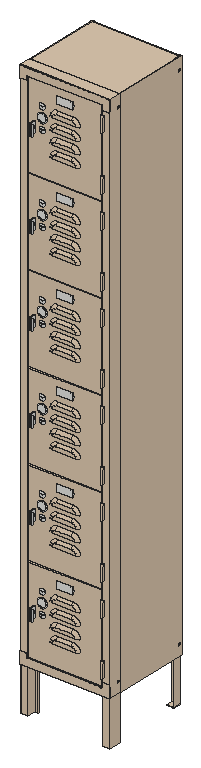
Revit family "Metal_Lockers-Salsbury_Industries-65000_66000_Series-1_Wide_Units", category Specialty Equipment, Revit 2024
Family settings
  Round Connector Dimension = Use Diameter
  Part Type = Normal
  OmniClass Number = 23.40.00.00
  OmniClass Title = Equipment and Furnishings
  Work Plane-Based = No
  Enable Cutting in Views = No
  Always vertical = Yes
  Cut with Voids When Loaded = No
  Maintain Annotation Orientation = No
  Shared = No
  Room Calculation Point = No
Parameters (values of type "66162 - with Standard 6" High Legs")
  Zee Base Corner - Right Side [instance] = Metal Locker Zee Base Corner : None
  Zee Base Corner - Left Side [instance] = Metal Locker Zee Base Corner : None
  Zee Base - Right Side [instance] = Metal Locker Zee Base-Right Side : None
  Zee Base - Left Side [instance] = Metal Locker Zee Base-Left Side : None
  Zee Base = Metal Locker Zee Base : None
  Width = 12.040"
  Version = "2.0 (06/30/17)"
  Unit Height including Sloping Hood Only [instance] = 78.625"
  Unit Height = 72.000"
  URL = "www.lockers.com"
  Type Comments = "Standard Metal Locker - Six Tier"
  Total Door(s) Height [instance] = 69.81949"
  Top Door = yes
  Top Compartment Divider = yes
  Test Data = "https://www.lockers.com/videolibrary/"
  Specification = "https://www.lockers.com/architect-resources//"
  Sloping Top In-Line Filler - Right Side [instance] = Metal Locker Sloping Top Filler : None
  Sloping Top In-Line Filler - Left Side [instance] = Metal Locker Sloping Top Filler : None
  Sloping Top Corner Filler - Right Side [instance] = Metal Locker Sloping Corner Filler : None
  Sloping Top Corner Filler - Left Side [instance] = Metal Locker Sloping Corner Filler : None
  Sloping Hood Height = if(Depth = 12.010", 6.625", if(Depth = 15.010", 8.682", if(Depth = 18.010", 10.739", 0.000")))  # 6.625"
  Sloping Hood [instance] = Metal Locker Sloping Hood : None
  Sales Information = "https://www.lockers.com/request_a_quote/"
  Right Side Base [instance] = Metal Locker Right Side Base : None
  Revision = "R1_2018-10"
  Product Data = "https://www.lockers.com/downloads__catalog/"
  Primary Structure Material [instance] = Paint - Salsbury Finish - Tan
  Overall Width including Rivets [instance] = 12.120"
  Unit Height including Base Only [instance] = 78.000"
  Overall Unit Height (including Base and Sloping Hood) [instance] = 84.625"
  OmniClass 23 Title = "Equipment and Furnishings"
  OmniClass 23 Number = "23.40.00.00"
  Model = "66162"
  MasterFormat Title = "Lockers"
  MasterFormat Number = "10 51 13"
  Manufacturer Website = "https://www.lockers.com/"
  Manufacturer Phone - Toll Free = "1-800-562-5377"
  Manufacturer Phone = "(323) 846-6700"
  Manufacturer Fax = "1-800-562-5399"
  Manufacturer Address = "1010 East 62nd Street, Los Angeles, CA 90001-1598"
  Manufacturer = "Salsbury Industries"
  Left Side Base [instance] = Metal Locker Left Side Base : None
  Keynote = "10 51 00"
  Installation-Fabrication = "https://www.lockers.com/downloads__installation_instructions/"
  Individual Door Height = 11.534"
  Hasp Plate Rivet Material = Steel -Salsbury Finish - Polished Steel
  Hasp Handle Material = Plastic - Salsbury Finish - Black
  Green Building-LEED = "https://www.arcat.com/green/green_building.shtml"
  Front Vertical Filler - Right [instance] = Metal Locker Front Filler : None
  Front Vertical Filler - Left [instance] = Metal Locker Front Filler : None
  Front Base [instance] = Metal Locker Front Base : None
  Flat Top In-Line Filler - Right Side [instance] = Metal Locker Flat Top Filler : None
  Flat Top In-Line Filler - Left Side [instance] = Metal Locker Flat Top Filler : None
  Flat Top Corner Filler - Right Side [instance] = Metal Locker Flat Corner Filler : None
  Flat Top Corner Filler - Left Side [instance] = Metal Locker Flat Corner Filler : None
  Individual Door Width [instance] = 9.90055"
  End Panel - Right Side [instance] = Metal Locker End Panel : None
  End Panel - Left Side [instance] = Metal Locker End Panel : None
  Drawn By = ""
  Door Location D1 = Metal Locker Doors-12 inch with Latch Hasps : Six Tier Door - 6 foot
  Description = "1 Wide - 6 Feet High - 12 Inches Deep"
  Depth = 12.010"
  Default Elevation = 0.000"
  Copyright = ""
  Construction Details = "https://www.lockers.com/downloads__catalog/"
  Compartment Divider Height = Individual Door Height - 0.375"  # 11.159"
  Category = ""
  Building Codes = "https://www.lockers.com/downloads__forms_and_information/"
  Base Height = 6.000"
  Standard Leg Base = Metal Locker Legs : 6" High - 12" W x 12" D
  Assembly Code = "C1030310"
Reference planes (in)
  plane 1 "Center (Front/Back)": y = 0
  plane 2: z = 0
  plane 3 "Center (Left/Right)": x = 0
  plane 4 "Floor": z = 0
  plane 5 "Bottom of Unit": z = 6
  plane 6 "Top of Unit": z = 78
  plane 7 "Left Side of Unit": x = -6.02
  plane 8 "Right Side of Unit": x = 6.02
  plane 9 "Back of Unit": y = 6.005
  plane 10 "Front of Unit": y = -6.005
  plane 11 "Top of Sloping Hood": z = 84.625
  plane 12 "Left Rivet": x = -6.06
  plane 13 "Right Rivet": x = 6.06
  plane 14 "Right Side of Door Opening": x = 5.02
  plane 15 "Left Side of Door Opening": x = -5.02
  plane 16 "Top of Door Opening": z = 77
  plane 17 "Bottom of Door Opening": z = 7
  plane 18 "Back Edge of Front Facing": y = -4.417
  plane 19 "Front Plate Plane": y = -6.065
  plane 20 "Horizontal Center of Top Rivets": z = 76.5
  plane 21 "Horiz Center of Bottom Rivets": z = 7.5
  plane 22 "Vertical Center of Back Rivets": y = 5.505
  plane 23 "Vertical Center of Front Rivets": y = -4.755
  plane 24 "Right Align Top Filler Overlap": x = 5.435
  plane 25 "Left Align Top Filler Overlap": x = -5.435
  plane 26 "Corner Filler Align-Left": x = -6.08
  plane 27 "Corner Filler Align-Right": x = 6.08
  plane 28 "Left Side of Door": x = -4.95029
  plane 29 "Right Side of Door": x = 4.95026
  plane 30 "Top of Door 1": z = 76.90976
  plane 31 "Bottom of Bottom Door": z = 7.09027
  plane 32 "Zee Base Offset": x = -5.669
  plane 33: x = 5.669
  plane 34 "Compartment Align 3": z = 19.159
  plane 35: x = -5.96
  plane 36: x = 5.96
  plane 37: x = -5.635
  plane 38: x = 5.635
  plane 39: y = 5.945
  plane 40: y = 5.895
  plane 41: y = 5.145
  plane 42: x = -5.9
  plane 43: x = 5.9
  plane 44: x = -5.095
  plane 45: x = 5.095
  plane 46: z = 77.94
  plane 47: z = 19.099
  plane 48: z = 18.159
  plane 49: z = 6.9204
  plane 50: z = 6.18539
  plane 51: z = 76.40796
  plane 52: z = 7.59204
  plane 53: z = 18.159
  plane 54: z = 18.62427
  plane 55: z = 18.74976
  plane 56: z = 30.28376
  plane 57: z = 30.40876
  plane 58: z = 29.78327
  plane 59: z = 30.72327
  plane 60 "Compartment Align 2": z = 30.78327
  plane 61: z = 53.72076
  plane 62: z = 41.94276
  plane 63: z = 42.06776
  plane 64: z = 41.44276
  plane 65: z = 42.38276
  plane 66 "Compartment Align 1": z = 42.44276
  plane 67: z = 71.20625
  plane 68: z = 53.60176
  plane 69: z = 53.72676
  plane 70: z = 65.26076
  plane 71: z = 65.38576
  plane 72: z = 53.10176
  plane 73: z = 54.04176
  plane 74: z = 54.10176
  plane 75: z = 64.76076
  plane 76: z = 65.70076
  plane 77: z = 65.76076
  plane 78: z = 82.86525
  plane 79: z = 94.52425
Forms (in)
  Sweep 1, solid, material "Paint - Salsbury Finish - Tan" <- "Primary Structure Material"
    path origin (0, -6.005, 0) x (1, 0, 0) y (0, 0, 1)
      loop
        line (-6.02, 78) -> (-6.02, 6) -> (6.02, 6) -> (6.02, 78) -> (-6.02, 78)
    profile origin (0, -6.005, 78) x (0, 0, 1) y (0, -1, 0)
      loop
        line (0, 0) -> (-1, 0) -> (-1, -1.588) -> (0, -1.588) -> (0, 0)
  Extrusion 2, solid, material "Paint - Salsbury Finish - Tan" <- "Primary Structure Material"
    sketch origin (0, 0, 6) x (0, -1, 0) y (1, 0, 0)
      loop
        line (4.417, 6.02) -> (-6.005, 6.02) -> (-6.005, 5.635) -> (-5.945, 5.635) -> (-5.945, 5.96) -> (4.417, 5.96) -> (4.417, 6.02)
    from 0 to 72
  Extrusion 3, solid, material "Paint - Salsbury Finish - Tan" <- "Primary Structure Material"
    sketch origin (0, 0, 6) x (0, -1, 0) y (1, 0, 0)
      loop
        line (4.417, -6.02) -> (4.417, -5.96) -> (-5.945, -5.96) -> (-5.945, -5.635) -> (-6.005, -5.635) -> (-6.005, -6.02) -> (4.417, -6.02)
    from 0 to 72
  Extrusion 4, solid, material "Paint - Salsbury Finish - Tan" <- "Primary Structure Material"
    sketch origin (0, 0, 6) x (0, -1, 0) y (1, 0, 0)
      loop
        line (-5.945, -5.96) -> (-5.145, -5.96) -> (-5.145, -5.9) -> (-5.895, -5.9) -> (-5.895, 5.9) -> (-5.145, 5.9) -> (-5.145, 5.96) -> (-5.945, 5.96) -> (-5.945, -5.96)
    from 0 to 72
  Sweep 5, solid, material "Paint - Salsbury Finish - Tan" <- "Primary Structure Material"
    path origin (0, 0, 7) x (0, -1, 0) y (1, 0, 0)
      loop
        line (4.417, -5.96) -> (4.417, 5.96) -> (-5.145, 5.96) -> (-5.145, 5.9) -> (-5.895, 5.9) -> (-5.895, -5.9) -> (-5.145, -5.9) -> (-5.145, -5.96) -> (4.417, -5.96)
    profile origin (-5.96, 0.364, 7) x (-1, 0, 0) y (0, 0, 1)
      loop
        line (0, -0.81461) -> (0, -0.0796) -> (-0.06, -0.0796) -> (-0.06, -0.81461) -> (0, -0.81461)
  Extrusion 6, solid, material "Paint - Salsbury Finish - Tan" <- "Primary Structure Material"
    sketch origin (0, 0, 7) x (0, -1, 0) y (1, 0, 0)
      loop
        line (-5.895, -5.9) -> (-5.145, -5.9) -> (-5.145, -5.96) -> (4.417, -5.96) -> (4.417, 5.96) -> (-5.145, 5.96) -> (-5.145, 5.9) -> (-5.895, 5.9) -> (-5.895, -5.9)
    from -0.0796 to 0
  Extrusion 7, solid, material "Paint - Salsbury Finish - Tan" <- "Primary Structure Material"
    sketch origin (0, 0, 78) x (0, -1, 0) y (1, 0, 0)
      loop
        line (-5.895, -5.9) -> (-5.145, -5.9) -> (-5.145, -5.96) -> (4.417, -5.96) -> (4.417, 5.96) -> (-5.145, 5.96) -> (-5.145, 5.9) -> (-5.895, 5.9) -> (-5.895, -5.9)
    from -0.06 to 0
  Extrusion 8, solid, material "Paint - Salsbury Finish - Tan" <- "Primary Structure Material"
    sketch origin (0, -6.065, 0) x (0, 0, -1) y (1, 0, 0)
      loop
        line (-78, -6.02) -> (-76.47656, -6.02)
        arc (-76.47656, -6.02) -> (-76.42806, -5.99991) -> (-76.40796, -5.9514) r 0.0686
        line (-76.40796, -5.9514) -> (-76.40796, -5.16351)
        arc (-76.40796, -5.16351) -> (-76.42809, -5.11506) -> (-76.47656, -5.095) r 0.0686
        line (-76.47656, -5.095) -> (-77, -5.095) -> (-77, 5.095) -> (-76.47656, 5.095)
        arc (-76.47656, 5.095) -> (-76.42809, 5.11506) -> (-76.40796, 5.16351) r 0.0686
        line (-76.40796, 5.16351) -> (-76.40796, 5.9514)
        arc (-76.40796, 5.9514) -> (-76.42806, 5.99991) -> (-76.47656, 6.02) r 0.0686
        line (-76.47656, 6.02) -> (-78, 6.02) -> (-78, -6.02)
    from -0.06 to 0
  Extrusion 9, solid, material "Paint - Salsbury Finish - Tan" <- "Primary Structure Material"
    sketch origin (0, -6.065, 84) x (0, 0, 1) y (-1, 0, 0)
      loop
        line (-78, 6.02) -> (-78, -6.02) -> (-76.47656, -6.02)
        arc (-76.47656, -6.02) -> (-76.42806, -5.99991) -> (-76.40796, -5.9514) r 0.0686
        line (-76.40796, -5.9514) -> (-76.40796, -5.16351)
        arc (-76.40796, -5.16351) -> (-76.42809, -5.11506) -> (-76.47656, -5.095) r 0.0686
        line (-76.47656, -5.095) -> (-77, -5.095) -> (-77, 5.095) -> (-76.47656, 5.095)
        arc (-76.47656, 5.095) -> (-76.42809, 5.11506) -> (-76.40796, 5.16351) r 0.0686
        line (-76.40796, 5.16351) -> (-76.40796, 5.9514)
        arc (-76.40796, 5.9514) -> (-76.42806, 5.99991) -> (-76.47656, 6.02) r 0.0686
        line (-76.47656, 6.02) -> (-78, 6.02)
    from -0.06 to 0
  Blend 10, solid, material "Steel -Salsbury Finish - Polished Steel" <- "Hasp Plate Rivet Material"
    base sketch origin (6.02, 0, 0) x (0, 0, -1) y (0, -1, 0)
      loop
        circle (-76.5, 4.755) r 0.187
    top sketch origin (6.02, 0, 0) x (0, 0, -1) y (0, -1, 0)
      loop
        circle (-76.5, 4.755) r 0.05319
    from 0 to -0.04
  Blend 11, solid, material "Steel -Salsbury Finish - Polished Steel" <- "Hasp Plate Rivet Material"
    base sketch origin (6.02, 0, -69) x (0, 0, -1) y (0, -1, 0)
      loop
        circle (-76.5, 4.755) r 0.187
    top sketch origin (6.02, 0, -69) x (0, 0, -1) y (0, -1, 0)
      loop
        circle (-76.5, 4.755) r 0.05319
    from 0 to -0.04
  Blend 12, solid, material "Steel -Salsbury Finish - Polished Steel" <- "Hasp Plate Rivet Material"
    base sketch origin (6.02, 10.26, -69) x (0, 0, -1) y (0, -1, 0)
      loop
        circle (-76.5, 4.755) r 0.187
    top sketch origin (6.02, 10.26, -69) x (0, 0, -1) y (0, -1, 0)
      loop
        circle (-76.5, 4.755) r 0.05319
    from 0 to -0.04
  Blend 13, solid, material "Steel -Salsbury Finish - Polished Steel" <- "Hasp Plate Rivet Material"
    base sketch origin (6.02, 10.26, 0.0043) x (0, 0, -1) y (0, -1, 0)
      loop
        circle (-76.5, 4.755) r 0.187
    top sketch origin (6.02, 10.26, 0.0043) x (0, 0, -1) y (0, -1, 0)
      loop
        circle (-76.5, 4.755) r 0.05319
    from 0 to -0.04
  Blend 14, solid, material "Steel -Salsbury Finish - Polished Steel" <- "Hasp Plate Rivet Material"
    base sketch origin (-6.02, 0, -69) x (0, 0, -1) y (0, 1, 0)
      loop
        circle (-76.5, -4.755) r 0.187
    top sketch origin (-6.02, 0, -69) x (0, 0, -1) y (0, 1, 0)
      loop
        circle (-76.5, -4.755) r 0.05319
    from 0 to -0.04
  Blend 15, solid, material "Steel -Salsbury Finish - Polished Steel" <- "Hasp Plate Rivet Material"
    base sketch origin (-6.02, 10.26, -69) x (0, 0, -1) y (0, 1, 0)
      loop
        circle (-76.5, -4.755) r 0.187
    top sketch origin (-6.02, 10.26, -69) x (0, 0, -1) y (0, 1, 0)
      loop
        circle (-76.5, -4.755) r 0.05319
    from 0 to -0.04
  Blend 16, solid, material "Steel -Salsbury Finish - Polished Steel" <- "Hasp Plate Rivet Material"
    base sketch origin (-6.02, 0, 0) x (0, 0, -1) y (0, 1, 0)
      loop
        circle (-76.5, -4.755) r 0.187
    top sketch origin (-6.02, 0, 0) x (0, 0, -1) y (0, 1, 0)
      loop
        circle (-76.5, -4.755) r 0.05319
    from 0 to -0.04
  Blend 17, solid, material "Steel -Salsbury Finish - Polished Steel" <- "Hasp Plate Rivet Material"
    base sketch origin (-6.02, 10.26, 0.00039) x (0, 0, -1) y (0, 1, 0)
      loop
        circle (-76.5, -4.755) r 0.187
    top sketch origin (-6.02, 10.26, 0.00039) x (0, 0, -1) y (0, 1, 0)
      loop
        circle (-76.5, -4.755) r 0.05319
    from 0 to -0.04
  Extrusion 18, solid, material "Paint - Salsbury Finish - Tan" <- "Primary Structure Material"
    sketch origin (0, 0, 19.159) x (0, -1, 0) y (1, 0, 0)
      loop
        line (-5.895, -5.9) -> (-5.145, -5.9) -> (-5.145, -5.96) -> (4.417, -5.96) -> (4.417, 5.96) -> (-5.145, 5.96) -> (-5.145, 5.9) -> (-5.895, 5.9) -> (-5.895, -5.9)
    from -0.06 to 0
  Sweep 19, solid, material "Paint - Salsbury Finish - Tan" <- "Primary Structure Material"
    path origin (0, 0, 19.159) x (0, -1, 0) y (1, 0, 0)
      loop
        line (4.417, -5.96) -> (4.417, 5.96) -> (-5.145, 5.96) -> (-5.145, 5.9) -> (-5.895, 5.9) -> (-5.895, -5.9) -> (-5.145, -5.9) -> (-5.145, -5.96) -> (4.417, -5.96)
    profile origin (-5.96, 0.364, 19.159) x (-1, 0, 0) y (0, 0, 1)
      loop
        line (0, -1) -> (0, -0.06) -> (-0.06, -0.06) -> (-0.06, -1) -> (0, -1)
  Extrusion 20, solid, material "Paint - Salsbury Finish - Tan" <- "Primary Structure Material"
    sketch origin (0, 0, 54.72076) x (0, -1, 0) y (1, 0, 0)
      loop
        line (-5.895, -5.9) -> (-5.145, -5.9) -> (-5.145, -5.96) -> (4.417, -5.96) -> (4.417, 5.96) -> (-5.145, 5.96) -> (-5.145, 5.9) -> (-5.895, 5.9) -> (-5.895, -5.9)
    from -23.99749 to -23.93749
  Sweep 21, solid, material "Paint - Salsbury Finish - Tan" <- "Primary Structure Material"
    path origin (0, 0, 30.78327) x (0, -1, 0) y (1, 0, 0)
      loop
        line (4.417, -5.96) -> (4.417, 5.96) -> (-5.145, 5.96) -> (-5.145, 5.9) -> (-5.895, 5.9) -> (-5.895, -5.9) -> (-5.145, -5.9) -> (-5.145, -5.96) -> (4.417, -5.96)
    profile origin (-5.96, 0.364, 30.78327) x (-1, 0, 0) y (0, 0, 1)
      loop
        line (0, -1) -> (0, -0.06) -> (-0.06, -0.06) -> (-0.06, -1) -> (0, -1)
  Extrusion 22, solid, material "Paint - Salsbury Finish - Tan" <- "Primary Structure Material"
    sketch origin (0, 0, 42.44276) x (0, -1, 0) y (1, 0, 0)
      loop
        line (-5.895, -5.9) -> (-5.145, -5.9) -> (-5.145, -5.96) -> (4.417, -5.96) -> (4.417, 5.96) -> (-5.145, 5.96) -> (-5.145, 5.9) -> (-5.895, 5.9) -> (-5.895, -5.9)
    from -0.06 to 0
  Sweep 23, solid, material "Paint - Salsbury Finish - Tan" <- "Primary Structure Material"
    path origin (0, 0, 42.44276) x (0, -1, 0) y (1, 0, 0)
      loop
        line (4.417, -5.96) -> (4.417, 5.96) -> (-5.145, 5.96) -> (-5.145, 5.9) -> (-5.895, 5.9) -> (-5.895, -5.9) -> (-5.145, -5.9) -> (-5.145, -5.96) -> (4.417, -5.96)
    profile origin (-5.96, 0.364, 42.44276) x (-1, 0, 0) y (0, 0, 1)
      loop
        line (0, -1) -> (0, -0.06) -> (-0.06, -0.06) -> (-0.06, -1) -> (0, -1)
  Extrusion 24, solid, material "Paint - Salsbury Finish - Tan" <- "Primary Structure Material"
    sketch origin (0, 0, 54.10176) x (0, -1, 0) y (1, 0, 0)
      loop
        line (-5.895, -5.9) -> (-5.145, -5.9) -> (-5.145, -5.96) -> (4.417, -5.96) -> (4.417, 5.96) -> (-5.145, 5.96) -> (-5.145, 5.9) -> (-5.895, 5.9) -> (-5.895, -5.9)
    from -0.06 to 0
  Sweep 25, solid, material "Paint - Salsbury Finish - Tan" <- "Primary Structure Material"
    path origin (0, 0, 54.10176) x (0, -1, 0) y (1, 0, 0)
      loop
        line (4.417, -5.96) -> (4.417, 5.96) -> (-5.145, 5.96) -> (-5.145, 5.9) -> (-5.895, 5.9) -> (-5.895, -5.9) -> (-5.145, -5.9) -> (-5.145, -5.96) -> (4.417, -5.96)
    profile origin (-5.96, 0.364, 54.10176) x (-1, 0, 0) y (0, 0, 1)
      loop
        line (0, -1) -> (0, -0.06) -> (-0.06, -0.06) -> (-0.06, -1) -> (0, -1)
  Extrusion 26, solid, material "Paint - Salsbury Finish - Tan" <- "Primary Structure Material", visible <- "Top Compartment Divider"
    sketch origin (0, 0, 65.76076) x (0, -1, 0) y (1, 0, 0)
      loop
        line (-5.895, -5.9) -> (-5.145, -5.9) -> (-5.145, -5.96) -> (4.417, -5.96) -> (4.417, 5.96) -> (-5.145, 5.96) -> (-5.145, 5.9) -> (-5.895, 5.9) -> (-5.895, -5.9)
    from -0.06 to 0
  Sweep 27, solid, material "Paint - Salsbury Finish - Tan" <- "Primary Structure Material", visible <- "Top Compartment Divider"
    path origin (0, 0, 65.76076) x (0, -1, 0) y (1, 0, 0)
      loop
        line (4.417, -5.96) -> (4.417, 5.96) -> (-5.145, 5.96) -> (-5.145, 5.9) -> (-5.895, 5.9) -> (-5.895, -5.9) -> (-5.145, -5.9) -> (-5.145, -5.96) -> (4.417, -5.96)
    profile origin (-5.96, 0.364, 65.76076) x (-1, 0, 0) y (0, 0, 1)
      loop
        line (0, -1) -> (0, -0.06) -> (-0.06, -0.06) -> (-0.06, -1) -> (0, -1)
Lines and regions (in)
  reference lines
    curve 1: line (-29.59242, -6.065, 78) -> (36.15758, -6.065, 78)
  symbolic lines
    curve 2: line (-6.02, 6.005, 78) -> (6.02, 6.005, 78)
    curve 3: line (-6.02, -6.065, 78) -> (-6.02, 6.005, 78)
    curve 4: line (6.02, -6.065, 78) -> (-6.02, -6.065, 78)
    curve 5: line (6.02, 6.005, 78) -> (6.02, -6.065, 78)
    curve 6: line (-6.06, -4.80819, 78) -> (-6.02, -4.91809, 78)
    curve 7: line (-6.02, -4.58043, 78) -> (-6.06, -4.70181, 78)
    curve 8: line (-6.06, -4.80819, 78) -> (-6.06, -4.70181, 78)
    curve 9: line (-6.06, 5.45181, 78) -> (-6.02, 5.31077, 78)
    curve 10: line (-6.06, 5.55819, 78) -> (-6.02, 5.68474, 78)
    curve 11: line (-6.06, 5.55819, 78) -> (-6.06, 5.45181, 78)
    curve 12: line (6.06, 5.55819, 78) -> (6.02, 5.70747, 78)
    curve 13: line (6.06, 5.45181, 78) -> (6.02, 5.3179, 78)
    curve 14: line (6.06, 5.55819, 78) -> (6.06, 5.45181, 78)
    curve 15: line (6.06, -4.70181, 78) -> (6.02, -4.57098, 78)
    curve 16: line (6.06, -4.80819, 78) -> (6.02, -4.94769, 78)
    curve 17: line (6.06, -4.70181, 78) -> (6.06, -4.80819, 78)
Dimensions and locks (in)
  equal spacing: plane 7 "Left Side of Unit", plane 3 "Center (Left/Right)", plane 8 "Right Side of Unit"
  "Width": plane 7 "Left Side of Unit" to plane 8 "Right Side of Unit"
  "Base Height": plane 5 "Bottom of Unit" to plane 4 "Floor"
  "Unit Height": plane 6 "Top of Unit" to plane 5 "Bottom of Unit"
  "Unit Height including Base Only": plane 6 "Top of Unit" to plane 4 "Floor"
  equal spacing: plane 10 "Front of Unit", plane 1 "Center (Front/Back)", plane 9 "Back of Unit"
  "Depth": plane 10 "Front of Unit" to plane 9 "Back of Unit"
  "Sloping Hood Height": plane 11 "Top of Sloping Hood" to plane 6 "Top of Unit"
  "Overall Unit Height (including Base and Sloping Hood)": plane 11 "Top of Sloping Hood" to plane 4 "Floor"
  locked: plane 12 "Left Rivet" to plane 7 "Left Side of Unit" at 0.04
  locked: plane 8 "Right Side of Unit" to plane 13 "Right Rivet" at 0.04
  "Overall Width including Rivets": plane 12 "Left Rivet" to plane 13 "Right Rivet"
  plane 6 "Top of Unit" to plane 16 "Top of Door Opening" to plane 30 "Top of Door 1" to plane 51 = 1.000" locked, 0.09024", 0.5018"
  plane 52 to plane 31 "Bottom of Bottom Door" to plane 17 "Bottom of Door Opening" to plane 5 "Bottom of Unit" = 0.50177", 0.09027", 1.000" locked
  plane 7 "Left Side of Unit" to plane 15 "Left Side of Door Opening" to plane 28 "Left Side of Door" = 1.000" locked, 0.06971"
  plane 29 "Right Side of Door" to plane 14 "Right Side of Door Opening" to plane 8 "Right Side of Unit" = 0.06974", 1.000" locked
  plane 19 "Front Plate Plane" to plane 10 "Front of Unit" to plane 18 "Back Edge of Front Facing" = 0.060" locked, 1.588" locked
  "Unit Height including Sloping Hood Only": plane 11 "Top of Sloping Hood" to plane 5 "Bottom of Unit"
  locked: plane 20 "Horizontal Center of Top Rivets" to plane 6 "Top of Unit" at 1.5
  locked: plane 5 "Bottom of Unit" to plane 21 "Horiz Center of Bottom Rivets" at 1.5
  locked: plane 22 "Vertical Center of Back Rivets" to plane 9 "Back of Unit" at 0.5
  locked: plane 10 "Front of Unit" to plane 23 "Vertical Center of Front Rivets" at 1.25
  locked: plane 24 "Right Align Top Filler Overlap" to plane 13 "Right Rivet" at 0.625
  locked: plane 12 "Left Rivet" to plane 25 "Left Align Top Filler Overlap" at 0.625
  locked: plane 8 "Right Side of Unit" to plane 27 "Corner Filler Align-Right" at 0.06
  locked: plane 26 "Corner Filler Align-Left" to plane 7 "Left Side of Unit" at 0.06
  "Individual Door Width": plane 28 "Left Side of Door" to plane 29 "Right Side of Door"
  "Total Door(s) Height": plane 30 "Top of Door 1" to plane 31 "Bottom of Bottom Door"
  plane 7 "Left Side of Unit" to plane 32 "Zee Base Offset" = 0.351"
  plane 33 to plane 8 "Right Side of Unit" = 0.351"
  plane 34 "Compartment Align 3" to plane 47 to plane 53 = 0.060" locked, 0.940" locked
  plane 7 "Left Side of Unit" to plane 35 to plane 42 to plane 37 = 0.060" locked, 0.060" locked, 0.265" locked
  plane 38 to plane 43 to plane 36 to plane 8 "Right Side of Unit" = 0.265" locked, 0.060", 0.060"
  plane 41 to plane 40 to plane 39 to plane 9 "Back of Unit" = 0.750" locked, 0.050", 0.060"
  locked: plane 7 "Left Side of Unit" to plane 44 at 0.925
  locked: plane 45 to plane 8 "Right Side of Unit" at 0.925
  locked: plane 6 "Top of Unit" to plane 46 at 0.06
  plane 47 to plane 48 = 0.940"
  locked: plane 17 "Bottom of Door Opening" to plane 49 at 0.0796
  plane 49 to plane 50 = 0.73501"
  "Compartment Divider Height": plane 53 to plane 17 "Bottom of Door Opening"
  "Individual Door Height": plane 54 to plane 31 "Bottom of Bottom Door"
  locked: plane 55 to plane 54 at 0.12549
  locked: plane 57 to plane 56 at 0.125
  "Individual Door Height": plane 56 to plane 55
  plane 60 "Compartment Align 2" to plane 59 to plane 58 = 0.060" locked, 0.940" locked
  locked: plane 63 to plane 62 at 0.125
  "Individual Door Height": plane 62 to plane 57
  "Compartment Divider Height": plane 58 to plane 54
  "Compartment Divider Height": plane 64 to plane 56
  plane 66 "Compartment Align 1" to plane 65 to plane 64 = 0.060", 0.940"
  locked: plane 69 to plane 68 at 0.125
  locked: plane 71 to plane 70 at 0.125
  "Individual Door Height": plane 68 to plane 63
  "Individual Door Height": plane 70 to plane 69
  "Compartment Divider Height": plane 72 to plane 62
  "Compartment Divider Height": plane 75 to plane 68
  plane 74 to plane 73 to plane 72 = 0.060" locked, 0.940" locked
  plane 77 to plane 76 to plane 75 = 0.060" locked, 0.940" locked
  aligned and locked: level to plane 2
  aligned and locked: Extrusion 2 to plane 6 "Top of Unit"
  aligned and locked: Extrusion 3 to plane 6 "Top of Unit"
  aligned and locked: Extrusion 4 to plane 6 "Top of Unit"
  aligned and locked: Extrusion 8 to plane 10 "Front of Unit"
  aligned and locked: Extrusion 9 to plane 10 "Front of Unit"
  aligned and locked: Extrusion 6 to plane 17 "Bottom of Door Opening"
  aligned and locked: plane 4 "Floor" to nested 2
  aligned and locked: plane 5 "Bottom of Unit" to Extrusion 9
  aligned and locked: plane 8 "Right Side of Unit" to nested 6
  aligned and locked: plane 7 "Left Side of Unit" to nested 7
  aligned and locked: Blend 10 to plane 13 "Right Rivet"
  aligned and locked: plane 8 "Right Side of Unit" to Blend 10
  aligned and locked: Blend 15 to plane 7 "Left Side of Unit"
  aligned and locked: Blend 14 to plane 7 "Left Side of Unit"  (x2)
  aligned and locked: plane 12 "Left Rivet" to Blend 14
  aligned and locked: plane 12 "Left Rivet" to Blend 15
  aligned and locked: Blend 14 to plane 12 "Left Rivet"
  aligned and locked: Blend 17 to plane 7 "Left Side of Unit"
  aligned and locked: plane 12 "Left Rivet" to Blend 17
  aligned and locked: Blend 16 to plane 7 "Left Side of Unit"
  aligned and locked: plane 12 "Left Rivet" to Blend 16
  aligned and locked: plane 5 "Bottom of Unit" to nested 10
  aligned and locked: plane 13 "Right Rivet" to nested 10
  aligned and locked: plane 12 "Left Rivet" to nested 11
  aligned and locked: nested 11 to plane 10 "Front of Unit"
  aligned and locked: plane 13 "Right Rivet" to nested 12
  aligned and locked: plane 10 "Front of Unit" to nested 12
  aligned and locked: plane 6 "Top of Unit" to nested 12
  aligned and locked: plane 12 "Left Rivet" to nested 13
  aligned and locked: plane 10 "Front of Unit" to nested 13
  aligned and locked: plane 6 "Top of Unit" to nested 13
  aligned and locked: plane 6 "Top of Unit" to nested 14
  aligned and locked: nested 14 to plane 19 "Front Plate Plane"
  aligned and locked: nested 14 to plane 24 "Right Align Top Filler Overlap"
  aligned and locked: nested 15 to plane 25 "Left Align Top Filler Overlap"
  aligned and locked: nested 15 to plane 19 "Front Plate Plane"
  aligned and locked: nested 10 to nested 15
  aligned and locked: plane 19 "Front Plate Plane" to nested 16
  aligned and locked: plane 6 "Top of Unit" to nested 16
  aligned and locked: nested 17 to plane 6 "Top of Unit"
  aligned and locked: nested 17 to plane 19 "Front Plate Plane"
  aligned and locked: plane 19 "Front Plate Plane" to nested 18
  aligned and locked: nested 19 to plane 24 "Right Align Top Filler Overlap"
  aligned and locked: nested 19 to plane 19 "Front Plate Plane"
  aligned and locked: plane 16 "Top of Door Opening" to nested 19
  aligned and locked: nested 20 to plane 16 "Top of Door Opening"
  aligned and locked: nested 20 to plane 25 "Left Align Top Filler Overlap"
  aligned and locked: nested 20 to plane 19 "Front Plate Plane"
  aligned and locked: nested 11 to plane 6 "Top of Unit"
  aligned and locked: plane 10 "Front of Unit" to nested 10
  aligned and locked: plane 10 "Front of Unit" to nested 23
  aligned and locked: plane 10 "Front of Unit" to nested 1
  aligned and locked: plane 10 "Front of Unit" to nested 2
  aligned and locked: plane 6 "Top of Unit" to nested 18
  aligned and locked: plane 7 "Left Side of Unit" to nested 17
  aligned and locked: plane 32 "Zee Base Offset" to nested 9
  aligned and locked: plane 18 "Back Edge of Front Facing" to nested 9
  aligned and locked: nested 8 to plane 18 "Back Edge of Front Facing"
  aligned and locked: plane 33 to nested 8
  aligned and locked: plane 8 "Right Side of Unit" to nested 21
  aligned and locked: nested 22 to plane 7 "Left Side of Unit"
  aligned and locked: nested 22 to curve 1
  aligned and locked: nested 21 to curve 1
  aligned and locked: Sweep 19 sketch curve to Extrusion 18
  aligned and locked: plane 7 "Left Side of Unit" to Extrusion 3
  aligned and locked: Extrusion 3 to plane 9 "Back of Unit"
  aligned and locked: Extrusion 2 to plane 8 "Right Side of Unit"
  aligned and locked: Extrusion 2 to plane 9 "Back of Unit"
  aligned and locked: plane 18 "Back Edge of Front Facing" to Extrusion 3
  aligned and locked: plane 18 "Back Edge of Front Facing" to Extrusion 2
  aligned and locked: plane 35 to Extrusion 3
  aligned and locked: plane 36 to Extrusion 2
  aligned and locked: plane 37 to Extrusion 3
  aligned and locked: plane 38 to Extrusion 2
  aligned and locked: plane 39 to Extrusion 3
  aligned and locked: plane 39 to Extrusion 2
  aligned and locked: Extrusion 4 to plane 39
  aligned and locked: plane 40 to Extrusion 4
  aligned and locked: plane 35 to Extrusion 4
  aligned and locked: plane 41 to Extrusion 4  (x2)
  aligned and locked: plane 42 to Extrusion 4
  aligned and locked: plane 43 to Extrusion 4
  aligned and locked: Extrusion 7 to plane 40
  aligned and locked: plane 42 to Extrusion 7
  aligned and locked: plane 35 to Extrusion 7  (x2)
  aligned and locked: Extrusion 7 to plane 41  (x2)
  aligned and locked: Extrusion 7 to plane 43
  aligned and locked: Extrusion 7 to plane 36  (x2)
  aligned and locked: plane 18 "Back Edge of Front Facing" to Extrusion 7
  aligned and locked: plane 18 "Back Edge of Front Facing" to Extrusion 6
  aligned and locked: Extrusion 6 to plane 40
  aligned and locked: Extrusion 6 to plane 43
  aligned and locked: Extrusion 6 to plane 41  (x2)
  aligned and locked: Extrusion 6 to plane 36
  aligned and locked: plane 42 to Extrusion 6
  aligned and locked: plane 35 to Extrusion 6
  aligned and locked: Sweep 5 to plane 40
  aligned and locked: Sweep 5 to plane 41  (x2)
  aligned and locked: Sweep 5 to plane 43
  aligned and locked: Sweep 5 to plane 36
  aligned and locked: plane 18 "Back Edge of Front Facing" to Sweep 5
  aligned and locked: plane 35 to Sweep 5
  aligned and locked: plane 42 to Sweep 5
  aligned and locked: Sweep 5 sketch curve to plane 42
  aligned and locked: plane 40 to Sweep 5 sketch curve
  aligned and locked: plane 41 to Sweep 5 sketch curve  (x2)
  aligned and locked: Sweep 5 sketch curve to plane 35  (x2)
  aligned and locked: plane 43 to Sweep 5 sketch curve
  aligned and locked: plane 36 to Sweep 5 sketch curve
  aligned and locked: Sweep 5 sketch curve to plane 18 "Back Edge of Front Facing"
  aligned and locked: Extrusion 18 to plane 40
  aligned and locked: Extrusion 18 to plane 43
  aligned and locked: Extrusion 18 to plane 41  (x2)
  aligned and locked: Extrusion 18 to plane 36
  aligned and locked: plane 18 "Back Edge of Front Facing" to Extrusion 18
  aligned and locked: plane 35 to Extrusion 18
  aligned and locked: plane 42 to Extrusion 18
  aligned and locked: plane 40 to Sweep 19 sketch curve
  aligned and locked: plane 43 to Sweep 19 sketch curve
  aligned and locked: plane 41 to Sweep 19 sketch curve  (x2)
  aligned and locked: plane 36 to Sweep 19 sketch curve
  aligned and locked: Sweep 19 sketch curve to plane 18 "Back Edge of Front Facing"
  aligned and locked: Sweep 19 sketch curve to plane 35  (x2)
  aligned and locked: Sweep 19 sketch curve to plane 42
  aligned and locked: plane 6 "Top of Unit" to Sweep 1 sketch curve  (x2)
  aligned and locked: Sweep 1 sketch curve to plane 7 "Left Side of Unit"
  aligned and locked: plane 8 "Right Side of Unit" to Sweep 1 sketch curve
  aligned and locked: Sweep 1 sketch curve to plane 5 "Bottom of Unit"
  aligned and locked: plane 10 "Front of Unit" to Sweep 1
  aligned and locked: Extrusion 8 to plane 19 "Front Plate Plane"
  aligned and locked: plane 10 "Front of Unit" to Extrusion 8
  aligned and locked: Extrusion 8 to plane 8 "Right Side of Unit"
  aligned and locked: plane 7 "Left Side of Unit" to Extrusion 8
  aligned and locked: plane 7 "Left Side of Unit" to Extrusion 9
  aligned and locked: plane 19 "Front Plate Plane" to Extrusion 9
  aligned and locked: Extrusion 9 to plane 8 "Right Side of Unit"
  aligned and locked: plane 44 to Extrusion 9
  aligned and locked: plane 45 to Extrusion 9
  aligned and locked: plane 45 to Extrusion 8
  aligned and locked: Extrusion 8 to plane 44
  aligned and locked: plane 29 "Right Side of Door" to nested 23
  aligned and locked: plane 18 "Back Edge of Front Facing" to Sweep 1 sketch curve
  aligned and locked: Sweep 1 sketch curve to plane 16 "Top of Door Opening"
  aligned and locked: Sweep 1 sketch curve to plane 10 "Front of Unit"
  aligned and locked: plane 5 "Bottom of Unit" to Extrusion 4
  aligned and locked: Extrusion 4 to plane 36
  aligned and locked: plane 5 "Bottom of Unit" to Extrusion 3
  aligned and locked: plane 5 "Bottom of Unit" to Extrusion 2
  aligned and locked: Extrusion 7 to plane 6 "Top of Unit"
  aligned and locked: plane 46 to Extrusion 7
  aligned and locked: Extrusion 18 to plane 34 "Compartment Align 3"
  aligned and locked: plane 47 to Extrusion 18
  aligned and locked: plane 42 to Sweep 19 sketch curve
  aligned and locked: plane 48 to Sweep 19 sketch curve
  aligned and locked: plane 49 to Extrusion 6
  aligned and locked: Sweep 5 to plane 49
  aligned and locked: plane 50 to Sweep 5 sketch curve
  aligned and locked: plane 49 to Sweep 5 sketch curve
  aligned and locked: plane 42 to Sweep 5 sketch curve
  aligned and locked: plane 51 to Extrusion 8  (x2)
  aligned and locked: Extrusion 8 to plane 6 "Top of Unit"
  aligned and locked: plane 16 "Top of Door Opening" to Extrusion 8
  aligned and locked: Extrusion 9 to plane 17 "Bottom of Door Opening"
  aligned and locked: plane 52 to Extrusion 9
  aligned and locked: Extrusion 9 to plane 52
  aligned and locked: plane 4 "Floor" to nested 1
  aligned and locked: plane 8 "Right Side of Unit" to nested 1
  aligned and locked: Blend 12 to plane 13 "Right Rivet"
  aligned and locked: plane 8 "Right Side of Unit" to Blend 12
  aligned and locked: plane 8 "Right Side of Unit" to Blend 13
  aligned and locked: Blend 13 to plane 13 "Right Rivet"
  aligned and locked: plane 8 "Right Side of Unit" to Blend 11
  aligned and locked: Blend 11 to plane 13 "Right Rivet"
  aligned and locked: nested 22 to curve 3
  aligned and locked: curve 4 to Extrusion 8
  aligned and locked: curve 5 to Extrusion 8
  aligned and locked: curve 8 to Blend 14
  aligned and locked: curve 11 to Blend 15
  aligned and locked: curve 14 to Blend 12
  aligned and locked: curve 17 to Blend 10
  aligned and locked: plane 53 to Sweep 19
  aligned and locked: nested 23 to plane 31 "Bottom of Bottom Door"
  aligned and locked: plane 55 to nested 24
  aligned and locked: plane 10 "Front of Unit" to nested 24
  aligned and locked: plane 29 "Right Side of Door" to nested 24
  aligned and locked: plane 29 "Right Side of Door" to nested 25
  aligned and locked: nested 25 to plane 57
  aligned and locked: Sweep 21 sketch curve to Extrusion 20
  aligned and locked: Extrusion 20 to plane 60 "Compartment Align 2"
  aligned and locked: plane 59 to Sweep 21
  aligned and locked: Sweep 21 sketch curve to plane 58
  aligned and locked: Extrusion 20 sketch curve to plane 40
  aligned and locked: plane 35 to Extrusion 20 sketch curve
  aligned and locked: plane 42 to Extrusion 20 sketch curve
  aligned and locked: Extrusion 20 sketch curve to plane 41  (x2)
  aligned and locked: plane 18 "Back Edge of Front Facing" to Extrusion 20 sketch curve
  aligned and locked: Extrusion 20 sketch curve to plane 36
  aligned and locked: Extrusion 20 sketch curve to plane 43
  aligned and locked: plane 40 to Sweep 21 sketch curve
  aligned and locked: Sweep 21 sketch curve to plane 42
  aligned and locked: Sweep 21 sketch curve to plane 35
  aligned and locked: plane 41 to Sweep 21 sketch curve  (x2)
  aligned and locked: Sweep 21 sketch curve to plane 18 "Back Edge of Front Facing"
  aligned and locked: plane 36 to Sweep 21 sketch curve
  aligned and locked: plane 43 to Sweep 21 sketch curve
  aligned and locked: plane 63 to nested 26
  aligned and locked: plane 65 to Extrusion 22
  aligned and locked: Extrusion 22 to plane 66 "Compartment Align 1"
  aligned and locked: Sweep 23 sketch curve to plane 64
  aligned and locked: plane 65 to Sweep 23 sketch curve
  aligned and locked: Sweep 23 sketch curve to plane 35
  aligned and locked: plane 41 to Sweep 23 sketch curve  (x2)
  aligned and locked: Sweep 23 sketch curve to plane 42
  aligned and locked: plane 40 to Sweep 23 sketch curve
  aligned and locked: plane 43 to Sweep 23 sketch curve
  aligned and locked: plane 36 to Sweep 23 sketch curve
  aligned and locked: Sweep 23 sketch curve to plane 18 "Back Edge of Front Facing"
  aligned and locked: Extrusion 22 to nested 5  (x3)
  aligned and locked: Extrusion 22 to plane 41  (x2)
  aligned and locked: Extrusion 22 to Sweep 23  (x2)
  aligned and locked: plane 18 "Back Edge of Front Facing" to Extrusion 22
  aligned and locked: plane 29 "Right Side of Door" to nested 26
  aligned and locked: plane 10 "Front of Unit" to nested 26
  aligned and locked: plane 10 "Front of Unit" to nested 25
  aligned and locked: nested 27 to plane 69
  aligned and locked: nested 28 to plane 71
  aligned and locked: plane 29 "Right Side of Door" to nested 27
  aligned and locked: plane 29 "Right Side of Door" to nested 28
  aligned and locked: plane 10 "Front of Unit" to nested 28
  aligned and locked: plane 10 "Front of Unit" to nested 27
  aligned and locked: Extrusion 24 to Sweep 25  (x2)
  aligned and locked: Extrusion 26 to Sweep 27  (x3)
  aligned and locked: Extrusion 24 to plane 74
  aligned and locked: plane 73 to Extrusion 24
  aligned and locked: Extrusion 26 to plane 77
  aligned and locked: plane 76 to Extrusion 26
  aligned and locked: plane 76 to Sweep 27 sketch curve
  aligned and locked: Sweep 27 sketch curve to plane 75
  aligned and locked: plane 73 to Sweep 25 sketch curve
  aligned and locked: Sweep 25 sketch curve to plane 72
  aligned and locked: Extrusion 24 sketch curve to plane 40
  aligned and locked: plane 42 to Extrusion 24 sketch curve
  aligned and locked: Extrusion 24 sketch curve to plane 41  (x2)
  aligned and locked: plane 35 to Extrusion 24 sketch curve
  aligned and locked: plane 18 "Back Edge of Front Facing" to Extrusion 24 sketch curve
  aligned and locked: Extrusion 24 sketch curve to plane 36
  aligned and locked: Extrusion 24 sketch curve to plane 43
  aligned and locked: plane 40 to Sweep 25 sketch curve
  aligned and locked: Sweep 25 sketch curve to plane 35
  aligned and locked: plane 41 to Sweep 25 sketch curve  (x2)
  aligned and locked: Sweep 25 sketch curve to plane 42
  aligned and locked: Sweep 25 sketch curve to plane 18 "Back Edge of Front Facing"
  aligned and locked: plane 36 to Sweep 25 sketch curve
  aligned and locked: plane 43 to Sweep 25 sketch curve
  aligned and locked: Extrusion 26 sketch curve to plane 40
  aligned and locked: plane 42 to Extrusion 26 sketch curve
  aligned and locked: Extrusion 26 sketch curve to plane 41  (x2)
  aligned and locked: plane 35 to Extrusion 26 sketch curve
  aligned and locked: plane 18 "Back Edge of Front Facing" to Extrusion 26 sketch curve
  aligned and locked: Extrusion 26 sketch curve to plane 36
  aligned and locked: Extrusion 26 sketch curve to plane 43
  aligned and locked: plane 40 to Sweep 27 sketch curve
  aligned and locked: Sweep 27 sketch curve to plane 42
  aligned and locked: plane 41 to Sweep 27 sketch curve  (x2)
  aligned and locked: Sweep 27 sketch curve to plane 35
  aligned and locked: Sweep 27 sketch curve to plane 18 "Back Edge of Front Facing"
  aligned and locked: plane 36 to Sweep 27 sketch curve
  aligned and locked: plane 43 to Sweep 27 sketch curve
  aligned and locked: plane 9 "Back of Unit" to curve 2
Automatic sketch dimensions
  Extrusion 2 sketch curve to plane 8 "Right Side of Unit" = 0.000"
  plane 9 "Back of Unit" to Extrusion 2 sketch curve = 0.000"
  Extrusion 2 sketch curve to plane 38 = 0.000"
  plane 39 to Extrusion 2 sketch curve = 0.000"
  plane 18 "Back Edge of Front Facing" to Extrusion 2 sketch curve = 0.000"
  Extrusion 2 sketch curve to plane 36 = 0.000"
  Extrusion 3 sketch curve to plane 7 "Left Side of Unit" = 0.000"
  plane 9 "Back of Unit" to Extrusion 3 sketch curve = 0.000"
  Extrusion 3 sketch curve to plane 37 = 0.000"
  plane 39 to Extrusion 3 sketch curve = 0.000"
  plane 18 "Back Edge of Front Facing" to Extrusion 3 sketch curve = 0.000"
  Extrusion 3 sketch curve to plane 35 = 0.000"
  Extrusion 4 sketch curve to plane 35 = 0.000"
  plane 39 to Extrusion 4 sketch curve = 0.000"
  plane 40 to Extrusion 4 sketch curve = 0.000"
  plane 41 to Extrusion 4 sketch curve = 0.000"  (x2)
  Extrusion 4 sketch curve to plane 42 = 0.000"
  Extrusion 4 sketch curve to plane 43 = 0.000"
  Extrusion 4 sketch curve to plane 36 = 0.000"
  plane 40 to Extrusion 6 sketch curve = 0.000"
  Extrusion 6 sketch curve to plane 35 = 0.000"
  plane 41 to Extrusion 6 sketch curve = 0.000"  (x2)
  plane 18 "Back Edge of Front Facing" to Extrusion 6 sketch curve = 0.000"
  Extrusion 6 sketch curve to plane 42 = 0.000"
  Extrusion 6 sketch curve to plane 43 = 0.000"
  Extrusion 6 sketch curve to plane 36 = 0.000"
  plane 40 to Extrusion 7 sketch curve = 0.000"
  Extrusion 7 sketch curve to plane 35 = 0.000"
  plane 41 to Extrusion 7 sketch curve = 0.000"  (x2)
  plane 18 "Back Edge of Front Facing" to Extrusion 7 sketch curve = 0.000"
  Extrusion 7 sketch curve to plane 42 = 0.000"
  Extrusion 7 sketch curve to plane 43 = 0.000"
  Extrusion 7 sketch curve to plane 36 = 0.000"
  Extrusion 8 sketch curve to plane 6 "Top of Unit" = 0.000"
  Extrusion 8 sketch curve to plane 16 "Top of Door Opening" = 0.000"
  plane 44 to Extrusion 8 sketch curve = 0.000"
  plane 7 "Left Side of Unit" to Extrusion 8 sketch curve = 0.000"
  plane 45 to Extrusion 8 sketch curve = 0.000"
  plane 8 "Right Side of Unit" to Extrusion 8 sketch curve = 0.000"
  Extrusion 8 sketch curve to plane 51 = 0.000"  (x2)
  plane 20 "Horizontal Center of Top Rivets" to Extrusion 8 sketch curve = 0.02344"  (x4)
  Extrusion 8 sketch curve to Extrusion 8 sketch curve = 0.0686"
  Extrusion 8 sketch curve to plane 45 = 0.06851"
  Extrusion 9 sketch curve to plane 5 "Bottom of Unit" = 0.000"
  Extrusion 9 sketch curve to plane 17 "Bottom of Door Opening" = 0.000"
  plane 44 to Extrusion 9 sketch curve = 0.000"
  plane 7 "Left Side of Unit" to Extrusion 9 sketch curve = 0.000"
  plane 45 to Extrusion 9 sketch curve = 0.000"
  plane 8 "Right Side of Unit" to Extrusion 9 sketch curve = 0.000"
  Extrusion 9 sketch curve to plane 52 = 0.000"  (x2)
  plane 21 "Horiz Center of Bottom Rivets" to Extrusion 9 sketch curve = 0.02344"  (x4)
  Extrusion 9 sketch curve to Extrusion 9 sketch curve = 0.0686"
  plane 45 to Extrusion 9 sketch curve = 0.06851"
  plane 20 "Horizontal Center of Top Rivets" to Blend 10 sketch curve = 0.000"  (x2)
  Blend 10 sketch curve to plane 23 "Vertical Center of Front Rivets" = 0.000"  (x2)
  plane 21 "Horiz Center of Bottom Rivets" to Blend 11 sketch curve = 0.000"  (x2)
  Blend 11 sketch curve to plane 23 "Vertical Center of Front Rivets" = 0.000"  (x2)
  plane 21 "Horiz Center of Bottom Rivets" to Blend 12 sketch curve = 0.000"  (x2)
  Blend 12 sketch curve to plane 22 "Vertical Center of Back Rivets" = 0.000"  (x2)
  Blend 13 sketch curve to plane 22 "Vertical Center of Back Rivets" = 0.000"  (x2)
  Blend 13 sketch curve to plane 20 "Horizontal Center of Top Rivets" = 0.0043"  (x2)
  plane 21 "Horiz Center of Bottom Rivets" to Blend 14 sketch curve = 0.000"  (x2)
  Blend 14 sketch curve to plane 23 "Vertical Center of Front Rivets" = 0.000"  (x2)
  plane 21 "Horiz Center of Bottom Rivets" to Blend 15 sketch curve = 0.000"  (x2)
  Blend 15 sketch curve to plane 22 "Vertical Center of Back Rivets" = 0.000"  (x2)
  plane 20 "Horizontal Center of Top Rivets" to Blend 16 sketch curve = 0.000"  (x2)
  Blend 16 sketch curve to plane 23 "Vertical Center of Front Rivets" = 0.000"  (x2)
  Blend 17 sketch curve to plane 22 "Vertical Center of Back Rivets" = 0.000"  (x2)
  Blend 17 sketch curve to plane 20 "Horizontal Center of Top Rivets" = 0.00039"  (x2)
  plane 19 "Front Plate Plane" to curve 1 = 0.000"
  plane 26 "Corner Filler Align-Left" to curve 1 = 23.51242"
  curve 1 to plane 27 "Corner Filler Align-Right" = 30.07758"
  plane 40 to Extrusion 18 sketch curve = 0.000"
  Extrusion 18 sketch curve to plane 35 = 0.000"
  plane 41 to Extrusion 18 sketch curve = 0.000"  (x2)
  plane 18 "Back Edge of Front Facing" to Extrusion 18 sketch curve = 0.000"
  Extrusion 18 sketch curve to plane 42 = 0.000"
  Extrusion 18 sketch curve to plane 43 = 0.000"
  Extrusion 18 sketch curve to plane 36 = 0.000"
  Sweep 21 sketch curve to profile plane = 0.000"
  Sweep 21 sketch curve to Sweep 21 sketch curve = 0.060"
  plane 40 to Extrusion 22 sketch curve = 0.000"
  Extrusion 22 sketch curve to plane 35 = 0.000"
  plane 41 to Extrusion 22 sketch curve = 0.000"  (x2)
  plane 18 "Back Edge of Front Facing" to Extrusion 22 sketch curve = 0.000"
  Extrusion 22 sketch curve to plane 42 = 0.000"
  Extrusion 22 sketch curve to plane 43 = 0.000"
  Extrusion 22 sketch curve to plane 36 = 0.000"
  Sweep 23 sketch curve to profile plane = 0.000"
  Sweep 23 sketch curve to Sweep 23 sketch curve = 0.060"
  Sweep 25 sketch curve to profile plane = 0.000"
  Sweep 25 sketch curve to Sweep 25 sketch curve = 0.060"
  Sweep 27 sketch curve to profile plane = 0.000"
  Sweep 27 sketch curve to Sweep 27 sketch curve = 0.060"
  curve 11 to plane 22 "Vertical Center of Back Rivets" = 0.05319"
  curve 14 to plane 22 "Vertical Center of Back Rivets" = 0.05319"
  plane 22 "Vertical Center of Back Rivets" to curve 9 = 0.05319"
  plane 22 "Vertical Center of Back Rivets" to curve 13 = 0.05319"
  curve 17 to plane 23 "Vertical Center of Front Rivets" = 0.05319"
  curve 8 to plane 23 "Vertical Center of Front Rivets" = 0.05319"
  plane 23 "Vertical Center of Front Rivets" to curve 8 = 0.05319"
  plane 23 "Vertical Center of Front Rivets" to curve 17 = 0.05319"
  curve 12 to curve 12 = 0.14928"
  curve 10 to curve 10 = 0.12655"
  curve 13 to curve 13 = 0.13391"
  curve 9 to curve 9 = 0.14104"
  curve 15 to curve 15 = 0.13083"
  curve 7 to curve 7 = 0.12138"
  curve 6 to curve 6 = 0.1099"
  curve 16 to curve 16 = 0.1395"
  radius of Blend 10 sketch curve = 0.187"
  radius of Blend 10 sketch curve = 0.05319"
  radius of Blend 11 sketch curve = 0.187"
  radius of Blend 11 sketch curve = 0.05319"
  radius of Blend 12 sketch curve = 0.187"
  radius of Blend 12 sketch curve = 0.05319"
  radius of Blend 13 sketch curve = 0.187"
  radius of Blend 13 sketch curve = 0.05319"
  radius of Blend 14 sketch curve = 0.187"
  radius of Blend 14 sketch curve = 0.05319"
  radius of Blend 15 sketch curve = 0.187"
  radius of Blend 15 sketch curve = 0.05319"
  radius of Blend 16 sketch curve = 0.187"
  radius of Blend 16 sketch curve = 0.05319"
  radius of Blend 17 sketch curve = 0.187"
  radius of Blend 17 sketch curve = 0.05319"
Nested families (in)
  nested 1: "Metal Locker Legs" at (0, 0, 0), type <- "Standard Leg Base", type "6" High - 12" W x 12" D"
  nested 2: "Metal Locker Front Base" at (0, 0, 0), type <- "Front Base", type "None"
  nested 3: "Metal Locker Right Side Base" at (0, 0.794, 0), type <- "Right Side Base", type "None"
  nested 4: "Metal Locker Left Side Base" at (-10.79, 0.794, 0), type <- "Left Side Base", type "None"
  nested 5: "Metal Locker Zee Base" at (0, 0, 0), type <- "Zee Base", type "None"
  nested 6: "Metal Locker Zee Base-Right Side" at (0.03, 0.824, 0), type <- "Zee Base - Right Side", type "None"
  nested 7: "Metal Locker Zee Base-Left Side" at (-8.01, 0.824, 0), type <- "Zee Base - Left Side", type "None"
  nested 8: "Metal Locker Zee Base Corner" at (6.669, -5.417, 0), type <- "Zee Base Corner - Right Side", type "None"
  nested 9: "Metal Locker Zee Base Corner" at (-6.669, -5.417, 0) x (-1, 0, 0) z (0, 0, 1), type <- "Zee Base Corner - Left Side", type "None"
  nested 10: "Metal Locker End Panel" at (10.1925, 2.167, 6), type <- "End Panel - Right Side", type "None"
  nested 11: "Metal Locker End Panel" at (-10.1925, 2.167, 6) x (-1, 0, 0) z (0, 0, 1), type <- "End Panel - Left Side", type "None"
  nested 12: "Metal Locker Front Filler" at (18.155, -3.088, 0), type <- "Front Vertical Filler - Right", type "None"
  nested 13: "Metal Locker Front Filler" at (-8.965, -3.088, 0), type <- "Front Vertical Filler - Left", type "None"
  nested 14: "Metal Locker Flat Top Filler" at (18.155, 2.113, 77.045), type <- "Flat Top In-Line Filler - Right Side", type "None"
  nested 15: "Metal Locker Flat Top Filler" at (-8.965, 2.113, 77.045), type <- "Flat Top In-Line Filler - Left Side", type "None"
  nested 16: "Metal Locker Flat Corner Filler" at (16.3025, 1.7895, 78), type <- "Flat Top Corner Filler - Right Side", type "None"
  nested 17: "Metal Locker Flat Corner Filler" at (-16.3025, 1.7895, 78) x (-1, 0, 0) z (0, 0, 1), type <- "Flat Top Corner Filler - Left Side", type "None"
  nested 18: "Metal Locker Sloping Hood" at (4.595, 2.137, 78), type <- "Sloping Hood", type "None"
  nested 19: "Metal Locker Sloping Top Filler" at (18.155, 2.113, 78.028), type <- "Sloping Top In-Line Filler - Right Side", type "None"
  nested 20: "Metal Locker Sloping Top Filler" at (-8.965, 2.113, 78.028), type <- "Sloping Top In-Line Filler - Left Side", type "None"
  nested 21: "Metal Locker Sloping Corner Filler" at (13.9095, -4.9375, 77.71202) x (0, -1, 0) z (0, 0, 1), type <- "Sloping Top Corner Filler - Right Side", type "None"
  nested 22: "Metal Locker Sloping Corner Filler" at (-7.1475, 1.8245, 77.71223), type <- "Sloping Top Corner Filler - Left Side", type "None"
  nested 23: "Metal Locker Doors-12 inch with Latch Hasps" at (-0.00024, -5.555, 7.09027), type <- "Door Location D1", type "Six Tier Door - 6 foot"
  nested 24: "Metal Locker Doors-12 inch with Latch Hasps" at (-0.00024, -5.555, 18.74976), type <- "Door Location D1", type "Six Tier Door - 6 foot"
  nested 25: "Metal Locker Doors-12 inch with Latch Hasps" at (-0.00024, -5.555, 30.40876), type <- "Door Location D1", type "Six Tier Door - 6 foot"
  nested 26: "Metal Locker Doors-12 inch with Latch Hasps" at (-0.00024, -5.555, 42.06776), type <- "Door Location D1", type "Six Tier Door - 6 foot"
  nested 27: "Metal Locker Doors-12 inch with Latch Hasps" at (-0.00024, -5.555, 53.72676), type <- "Door Location D1", type "Six Tier Door - 6 foot"
  nested 28: "Metal Locker Doors-12 inch with Latch Hasps" at (-0.00024, -5.555, 65.38576), type <- "Door Location D1", visible <- "Top Door", type "Six Tier Door - 6 foot"
Definition of nested family "Metal Locker Legs"
  Parameters (values of type "6" High - 12"W x 18"D - Bridge")
    Width = 12.007"
    Visible = yes
    Version = "1.0 (11/30/15)"
    Type Comments = "Standard Metal Locker Legs - Bridge"
    Primary Structure Material = none
    Model = "n/a"
    MasterFormat Title = ""
    MasterFormat Number = ""
    Manufacturer = "Salsbury Industries"
    Description = "12\"W x 6\" H x 18\"D"
    Depth = 18.010"
    Height = 6.000"
    Default Elevation = 0.000"
    Assembly Code = ""
  Types (7): name | Width | Visible | Type Comments | Description | Depth
    6" High - 12" W x 12" D | 12.040" | yes | "Standard Metal Locker Legs" | "12\"W x 6\" H x 12\"D" | 12.010"
    6" High - 12" W x 15" D | 12.040" | yes | "Standard Metal Locker Legs" | "12\"W x 6\" H x 15\"D" | 15.010"
    6" High - 12"W x 18"D | 12.040" | yes | "Standard Metal Locker Legs" | "12\"W x 6\" H x 18\"D" | 18.010"
    6" High - 15"W x 15"D | 15.040" | yes | "Standard Metal Locker Legs" | "15\"W x 6\" H x 15\"D" | 15.010"
    6" High - 15"W x 18"D | 15.040" | yes | "Standard Metal Locker Legs" | "15\"W x 6\" H x 18\"D" | 18.010"
    No Legs | 12.040" | no | "No Legs" | "" | 12.010"
    6" High - 12"W x 18"D - Bridge | 12.007" | yes | "Standard Metal Locker Legs - Bridge" | "12\"W x 6\" H x 18\"D" | 18.010"
  Reference planes (in)
    plane 1 "Center (Front/Back)": y = 0
    plane 2: z = 0
    plane 3 "Center (Left/Right)": x = 0
    plane 4 "Floor": z = 0
    plane 5 "Bottom of Unit": z = 6
    plane 6 "Left Side of Unit": x = -6.0035
    plane 7 "Right Side of Unit": x = 6.0035
    plane 8 "Back of Unit": y = 9.005
    plane 9 "Front of Unit": y = -9.005
    plane 10 "Right Side of Door Opening": x = 5.0035
    plane 11 "Left Side of Door Opening": x = -5.0035
    plane 12 "Top of back legs": z = 6.185
    plane 13 "Back Edge of Front Facing": y = -7.417
    plane 14 "Inside Edge of Front Leg": x = -4.5635
    plane 15 "Inside Edge of Right Leg": x = 4.5635
    plane 16: y = -7.82
    plane 17 "Back Edge of Rear Legs": y = 8.895
    plane 18 "Right Edge of Rear Right Leg": x = 5.8835
    plane 19 "Left Edge or Rear Left Leg": x = -5.8835
    plane 20: y = 7.895
    plane 21 "Inside Edge or Rear Right Leg": x = 4.8835
    plane 22 "Inside Edge or Left Rear Leg": x = -4.8835
  Forms (in)
    Extrusion 1, solid, material <- "Primary Structure Material", visible <- "Visible"
      sketch origin (0, 0, 0) x (0, -1, 0) y (1, 0, 0)
        loop
          line (7.417, 6.0035) -> (7.417, 5.9435) -> (8.945, 5.9435) -> (8.945, 5.0635) -> (7.76, 5.0635) -> (7.76, 4.5635) -> (7.82, 4.5635) -> (7.82, 5.0035) -> (9.005, 5.0035) -> (9.005, 6.0035) -> (7.417, 6.0035)
      from 0 to 6
    Extrusion 2, solid, material <- "Primary Structure Material", visible <- "Visible"
      sketch origin (0, 0, 0) x (0, -1, 0) y (1, 0, 0)
        loop
          line (7.417, -6.0035) -> (9.005, -6.0035) -> (9.005, -5.0035) -> (7.82, -5.0035) -> (7.82, -4.5635) -> (7.76, -4.5635) -> (7.76, -5.0635) -> (8.945, -5.0635) -> (8.945, -5.9435) -> (7.417, -5.9435) -> (7.417, -6.0035)
      from 0 to 6
    Extrusion 3, solid, material <- "Primary Structure Material", visible <- "Visible"
      sketch origin (0, 0, 0) x (0, -1, 0) y (1, 0, 0)
        loop
          line (-8.895, 5.8835) -> (-8.895, 4.8835) -> (-8.835, 4.8835) -> (-8.835, 5.8235) -> (-7.895, 5.8235) -> (-7.895, 5.8835) -> (-8.895, 5.8835)
      from 0.06 to 6.185
    Extrusion 4, solid, material <- "Primary Structure Material", visible <- "Visible"
      sketch origin (0, 0, 0) x (0, -1, 0) y (1, 0, 0)
        loop
          line (-8.895, 5.8835) -> (-8.895, 4.8835) -> (-7.895, 4.8835) -> (-7.895, 5.8835) -> (-8.895, 5.8835)
      from 0 to 0.06
    Extrusion 5, solid, material <- "Primary Structure Material", visible <- "Visible"
      sketch origin (0, 0, 0) x (0, -1, 0) y (1, 0, 0)
        loop
          line (-8.895, -5.8835) -> (-7.895, -5.8835) -> (-7.895, -5.8235) -> (-8.835, -5.8235) -> (-8.835, -4.8835) -> (-8.895, -4.8835) -> (-8.895, -5.8835)
      from 0.06 to 6.185
    Extrusion 6, solid, material <- "Primary Structure Material", visible <- "Visible"
      sketch origin (0, 0, 0) x (0, -1, 0) y (1, 0, 0)
        loop
          line (-8.895, -5.8835) -> (-7.895, -5.8835) -> (-7.895, -4.8835) -> (-8.895, -4.8835) -> (-8.895, -5.8835)
      from 0 to 0.06
  Dimensions and locks (in)
    equal spacing: plane 6 "Left Side of Unit", plane 3 "Center (Left/Right)", plane 7 "Right Side of Unit"
    "Width": plane 6 "Left Side of Unit" to plane 7 "Right Side of Unit"
    "Height": plane 5 "Bottom of Unit" to plane 4 "Floor"
    equal spacing: plane 9 "Front of Unit", plane 1 "Center (Front/Back)", plane 8 "Back of Unit"
    "Depth": plane 9 "Front of Unit" to plane 8 "Back of Unit"
    plane 12 "Top of back legs" to plane 5 "Bottom of Unit" = 0.185"
    plane 6 "Left Side of Unit" to plane 11 "Left Side of Door Opening" = 1.000"
    plane 10 "Right Side of Door Opening" to plane 7 "Right Side of Unit" = 1.000"
    locked: plane 9 "Front of Unit" to plane 13 "Back Edge of Front Facing" at 1.588
    plane 11 "Left Side of Door Opening" to plane 14 "Inside Edge of Front Leg" = 0.440"
    plane 15 "Inside Edge of Right Leg" to plane 10 "Right Side of Door Opening" = 0.440"
    plane 9 "Front of Unit" to plane 16 = 1.185"
    plane 15 "Inside Edge of Right Leg" to plane 21 "Inside Edge or Rear Right Leg" to plane 10 "Right Side of Door Opening" to plane 18 "Right Edge of Rear Right Leg" to plane 7 "Right Side of Unit" = 0.320", 0.120", 0.880", 0.120"
    plane 6 "Left Side of Unit" to plane 19 "Left Edge or Rear Left Leg" to plane 11 "Left Side of Door Opening" to plane 22 "Inside Edge or Left Rear Leg" to plane 14 "Inside Edge of Front Leg" = 0.120", 0.880", 0.120", 0.320"
    plane 20 to plane 17 "Back Edge of Rear Legs" to plane 8 "Back of Unit" = 1.000", 0.110"
    aligned and locked: level to plane 2
    aligned and locked: Extrusion 3 to Extrusion 4
    aligned and locked: Extrusion 6 to Extrusion 5
    aligned and locked: Extrusion 3 to plane 18 "Right Edge of Rear Right Leg"
    aligned and locked: Extrusion 3 to plane 17 "Back Edge of Rear Legs"
    aligned and locked: Extrusion 5 to plane 19 "Left Edge or Rear Left Leg"
    aligned and locked: Extrusion 5 to plane 17 "Back Edge of Rear Legs"
    aligned and locked: Extrusion 2 to plane 5 "Bottom of Unit"
    aligned and locked: Extrusion 1 to plane 5 "Bottom of Unit"
    aligned and locked: Extrusion 3 to plane 12 "Top of back legs"
    aligned and locked: Extrusion 5 to plane 12 "Top of back legs"
  Automatic sketch dimensions
    plane 13 "Back Edge of Front Facing" to Extrusion 1 sketch curve = 0.000"
    Extrusion 1 sketch curve to plane 15 "Inside Edge of Right Leg" = 0.000"
    plane 16 to Extrusion 1 sketch curve = 0.000"
    Extrusion 1 sketch curve to plane 7 "Right Side of Unit" = 0.000"
    plane 9 "Front of Unit" to Extrusion 1 sketch curve = 0.000"
    Extrusion 1 sketch curve to plane 10 "Right Side of Door Opening" = 0.000"
    Extrusion 1 sketch curve to plane 16 = 0.060"
    Extrusion 1 sketch curve to plane 9 "Front of Unit" = 0.060"
    Extrusion 1 sketch curve to plane 10 "Right Side of Door Opening" = 0.060"
    plane 7 "Right Side of Unit" to Extrusion 1 sketch curve = 0.060"
    plane 13 "Back Edge of Front Facing" to Extrusion 2 sketch curve = 0.000"
    Extrusion 2 sketch curve to plane 14 "Inside Edge of Front Leg" = 0.000"
    plane 16 to Extrusion 2 sketch curve = 0.000"
    Extrusion 2 sketch curve to plane 6 "Left Side of Unit" = 0.000"
    plane 9 "Front of Unit" to Extrusion 2 sketch curve = 0.000"
    Extrusion 2 sketch curve to plane 11 "Left Side of Door Opening" = 0.000"
    plane 16 to Extrusion 2 sketch curve = 0.060"
    plane 9 "Front of Unit" to Extrusion 2 sketch curve = 0.060"
    Extrusion 2 sketch curve to plane 11 "Left Side of Door Opening" = 0.060"
